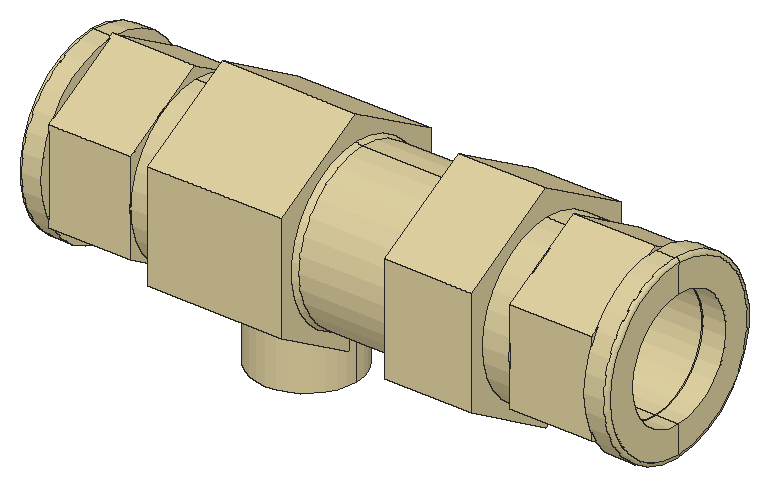
Revit family "DA09910000", category Apparecchi idraulici, Revit 2020
Family settings
  Quota connettore circolare = Usa diametro
  Tipo di parte = Normale
  Numero OmniClass = 23.45.00.00
  Titolo OmniClass = Sanitary, Laundry, and Cleaning Equipment
  Basato su piano di lavoro = No
  Sempre verticale = Sì
  Taglio con vuoti quando caricato = No
  Condiviso = No
  Punto di calcolo locali = No
Parameters
  URL = "https://web.cimberio.com/index.php/figura/883?subcategoria_id="
  Temperatura di esercizio = "-10 ÷ 65°C (servizio continuo) 90° (picchi di 1 h) secondo EN13959"
  Prospetto di default = 0 mm
  Produttore = "CIMBERIO SPA"
  Pressione nominale = "PN 16"
  Modello = "Cim 33CREARB"
  Materiale = "Prodotto in lega di ottone “CR” – “DZR\" conforme alla norma EN 12165-CW625N-DW"
  Descrizione = "Impiegato nei più svariati settori dell'impiantistica in condutture anti-ritorno per: reti di distribuzione acqua potabile, impianti di riscaldamento, condizionamento, igienico-sanitari e in generale con ogni fluido non corrosivo"
  DN Model [instance] = DA09915015 : DA09915015
  DN [instance] = 15 mm
  Commenti sul tipo = "Realizzato in ottemperanza ai requisiti gestionali della norma EN ISO 9001.\r\nCollaudato al 100% secondo la normativa EN 12266-1"
Reference planes
  plane 1 "Centro (Fronte/Retro)": y = 0
  plane 2: z = 0
  plane 3 "Centro (Sinistra/Destra)": x = 0
Dimensions and locks
  aligned and locked: level to plane 2
Nested families
  nested 1: "DA09915015" at (0, 0, 0), type <- "DN Model", type "DA09915015"
  nested 2: "DA09915015" at (0, 0, 0), type <- "DN Model", type "DA09915015"
  nested 3: "DA09915015" at (0, 0, 0), type <- "DN Model", type "DA09915015"
Connectors
  piping at (34.787, 0, 0), diameter 15, driven by "DN"
    settings: on nested 1, index 1, connector inside diameter 609.6 mm, connector length 0 mm, flow factor 0, pipe flow 0.0 L/s, pressure drop 0.0 Pa, fitting loss kfactor 0, connector angle 0.00°, fixture units 0, engagement length 0 mm, angle of deflection 0.00°, flow configuration 0, flow direction 0, fitting loss method 0, system type 7, joint type 0, gender type 0, connector reference index -1, connector utility 0, adjustable connector no, is connector primary yes, connector description ""
  piping at (-34.787, 0, 0), diameter 15, driven by "DN"
    settings: on nested 1, index 2, connector inside diameter 609.6 mm, connector length 0 mm, flow factor 0, pipe flow 0.0 L/s, pressure drop 0.0 Pa, fitting loss kfactor 0, connector angle 0.00°, fixture units 0, engagement length 0 mm, angle of deflection 0.00°, flow configuration 0, flow direction 0, fitting loss method 0, system type 7, joint type 0, gender type 0, connector reference index -1, connector utility 0, adjustable connector no, is connector primary no, connector description ""
Definition of nested family "DA09915015"
  Parameters (values of type "DA09915015")
    URL = "https://web.cimberio.it/index.php/figura/394?subcategoria_id="
    Temperatura di esercizio = "-10 ÷ 95°C"
    Default Elevation = 0 mm
    Manufacturer = "CIMBERIO SPA"
    Pressione nominale = "PN 16"
    Model = "Cim 32"
    Materiale = "Prodotto in lega di ottone conforme alla norma EN 12165-CW617N-DW"
    Description = "Impiegato nei più svariati settori dell'impiantistica in condutture anti-ritorno per: reti di distribuzione acqua potabile, impianti di riscaldamento, condizionamento, igienico-sanitari e in generale con ogni fluido non corrosivo."
    Type Comments = "Realizzato in ottemperanza ai requisiti gestionali della norma EN ISO 9001.\r\nCollaudato al 100% secondo la normativa EN 12266-1"
  Reference planes
    plane 1 "Centro (Fronte/Retro)": y = 0
    plane 2: z = 0
    plane 3 "Centro (Sinistra/Destra)": x = 0
  Forms (mm)
    Revolve 1, solid
      sketch origin (0, 0, 0) x (1, 0, 0) y (0, 0, 1)
        loop
          line (8.836, 10.146) -> (-2.836, 10.146)
          arc (-2.836, 10.146) -> (-3.246, 10.28) -> (-3.612, 10.508) r 1.765
          line (-3.612, 10.508) -> (-3.612, 7.5) -> (9.543, 7.5) -> (9.543, 10.439)
          arc (9.543, 10.439) -> (9.218, 10.223) -> (8.836, 10.146) r 1
        axis (-3.612, 0) -> (9.543, 0)
      angle from 0 to 360
    Extrusion 2, solid
      sketch origin (0, 0, -0.103) x (0, 1, 0) y (0, 0, 1)
        loop
          circle (0, 0) r 7.5
        loop
          line (0, 13.75) -> (-11.908, 6.875) -> (-11.908, -6.875) -> (0, -13.75) -> (11.908, -6.875) -> (11.908, 6.875) -> (0, 13.75)
      from -20.739 to -3.612
    Extrusion 3, solid
      sketch origin (0, 0, -0.103) x (0, 1, 0) y (0, 0, -1)
        loop
          circle (0, 0) r 7.5
        loop
          line (0, -13.75) -> (11.908, -6.875) -> (11.908, 6.875) -> (0, 13.75) -> (-11.908, 6.875) -> (-11.908, -6.875) -> (0, -13.75)
      from -20.761 to -9.543
    Revolve 4, solid
      sketch origin (0, 0, 0) x (1, 0, 0) y (0, 0, 1)
        loop
          line (-10, -17.104) -> (-3.5, -17.104) -> (-3.5, -7.793) -> (-10, -7.793) -> (-10, -17.104)
        axis (-10, -17.104) -> (-10, -7.793)
      angle from 0 to 360
    Extrusion 5, solid
      sketch origin (-10, 0, -17.104) x (1, 0, 0) y (0, -1, 0)
        loop
          circle (-0.056, 0) r 4.8
        loop
          line (-0.056, 3.473) -> (-3.064, 1.736) -> (-3.064, -1.736) -> (-0.056, -3.473) -> (2.952, -1.736) -> (2.952, 1.736) -> (-0.056, 3.473)
      from 0 to 0.866
    Revolve 6, solid
      sketch origin (0, 0, 0) x (1, 0, 0) y (0, 0, 1)
        loop
          line (-20.739, 10.362) -> (-24.287, 10.362) -> (-24.287, 7.5) -> (-20.739, 7.5) -> (-20.739, 10.362)
        axis (-24.287, 0) -> (-20.739, 0)
      angle from 0 to 360
    Extrusion 7, solid
      sketch origin (0, 0, 0) x (0, 0, 1) y (0, -1, 0)
        loop
          circle (0, 0) r 7.5
        loop
          line (-11.9, 0) -> (-5.95, -10.306) -> (5.95, -10.306) -> (11.9, 0) -> (5.95, 10.306) -> (-5.95, 10.306) -> (-11.9, 0)
      from -34.787 to -24.287
    Revolve 8, solid
      sketch origin (0, 0, 0) x (1, 0, 0) y (0, 0, 1)
        loop
          line (-34.787, 11.487) -> (-37.285, 11.487)
          arc (-37.285, 11.487) -> (-37.64, 11.34) -> (-37.787, 10.984) r 0.502
          line (-37.787, 10.984) -> (-37.787, 7.5) -> (-34.787, 7.5) -> (-34.787, 11.487)
        axis (-37.787, 0) -> (-34.787, 0)
      angle from 0 to 360
    Revolve 9, solid
      sketch origin (0, 0, 0) x (-1, 0, 0) y (0, 0, 1)
        loop
          line (-20.739, 10.362) -> (-24.287, 10.362) -> (-24.287, 7.5) -> (-20.739, 7.5) -> (-20.739, 10.362)
        axis (-24.287, 0) -> (-20.739, 0)
      angle from 0 to 360
    Extrusion 10, solid
      sketch origin (0, 0, 0) x (0, 0, 1) y (0, 1, 0)
        loop
          circle (0, 0) r 7.5
        loop
          line (-11.9, 0) -> (-5.95, -10.306) -> (5.95, -10.306) -> (11.9, 0) -> (5.95, 10.306) -> (-5.95, 10.306) -> (-11.9, 0)
      from -34.787 to -24.287
    Revolve 11, solid
      sketch origin (0, 0, 0) x (-1, 0, 0) y (0, 0, 1)
        loop
          line (-34.787, 11.487) -> (-37.285, 11.487)
          arc (-37.285, 11.487) -> (-37.64, 11.34) -> (-37.787, 10.984) r 0.502
          line (-37.787, 10.984) -> (-37.787, 7.5) -> (-34.787, 7.5) -> (-34.787, 11.487)
        axis (-37.787, 0) -> (-34.787, 0)
      angle from 0 to 360
  Dimensions and locks
    aligned and locked: level to plane 2
